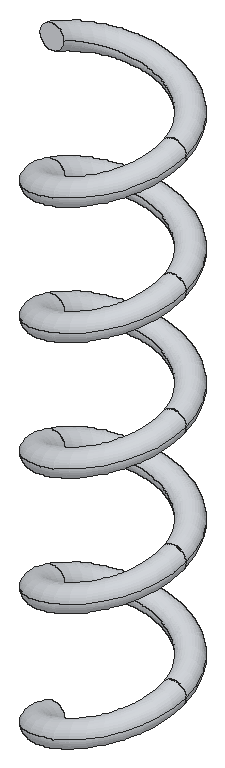
Revit family "Parametric Spring Shape Family", category Generic Models, Revit 2022
Family settings
  Can host rebar = No
  Round Connector Dimension = Use Diameter
  Part Type = Normal
  Work Plane-Based = No
  Always vertical = Yes
  Cut with Voids When Loaded = No
  Maintain Annotation Orientation = No
  Shared = No
  Room Calculation Point = No
Parameters
  R2 [instance] = 100 mm
  R1 [instance] = 500 mm
  No. [instance] = rounddown(Height / H2)  # 5
  Height [instance] = 5000 mm
  H2 [instance] = H1 * 2  # 1000 mm
  H1 [instance] = 500 mm
  Default Elevation = 0 mm
Reference planes
  plane 1 "Center (Front/Back)": y = 0
  plane 2: z = 0
  plane 3 "Center (Left/Right)": x = 0
  plane 4: z = 1000
  plane 5: z = 5000
Dimensions and locks
  "Height": plane 5 to level
  "H2": plane 4 to level
  equal spacing: group 1, group 2, group 3, group 4, group 5  (x3)
  aligned and locked: level to plane 2
  aligned and locked: plane 3 "Center (Left/Right)" to nested 1
  aligned and locked: plane 1 "Center (Front/Back)" to nested 1
  aligned and locked: plane 3 "Center (Left/Right)" to nested 2
  aligned and locked: plane 1 "Center (Front/Back)" to nested 2
  aligned and locked: nested 1 to level
  aligned and locked: plane 4 to nested 2
Nested families
  nested 1: "Family3" at (0, 0, 0), R <- "R1", R2 <- "R2", H1 <- "H1", type "Family3"
    with R2 100 mm, R 500 mm, H1 500 mm
  nested 2: "Family3" at (0, 0, 1000), R <- "R1", R2 <- "R2", H1 <- "H1", type "Family3"
    with R2 100 mm, R 500 mm, H1 500 mm
  nested 3: "Family3" at (0, 0, 2000), R <- "R1", R2 <- "R2", H1 <- "H1", type "Family3"
    with R2 100 mm, R 500 mm, H1 500 mm
  nested 4: "Family3" at (0, 0, 3000), R <- "R1", R2 <- "R2", H1 <- "H1", type "Family3"
    with R2 100 mm, R 500 mm, H1 500 mm
  nested 5: "Family3" at (0, 0, 4000), R <- "R1", R2 <- "R2", H1 <- "H1", type "Family3"
    with R2 100 mm, R 500 mm, H1 500 mm
Definition of nested family "Family3"
  Parameters (values of type "Family3")
    R2 [instance] = 100 mm
    R [instance] = 500 mm
    H1 [instance] = 200 mm
    Default Elevation = 0 mm
  Reference planes
    plane 1 "Center (Front/Back)": y = 0
    plane 2: z = 0
    plane 3 "Center (Left/Right)": x = 0
    plane 4: x = -500
    plane 5: x = 500
    plane 6: z = 200
    plane 7: z = 400
  Forms (mm)
    SweptBlend 1, solid
      path in 3D
        loop
          arc (-500, 0, 0) -> (0, -500, 0) -> (500, 0, 0) r 500
      profile origin (-500, 0, 0) x (1, 0, 0) y (0, 0, 1)
        loop
          circle (0, 0) r 100
      end profile origin (500, 0, 0) x (-1, 0, 0) y (0, 0, 1)
        loop
          circle (0, 200) r 100
    SweptBlend 2, solid
      path in 3D
        loop
          arc (-500, 0, 0) -> (0, 500, 0) -> (500, 0, 0) r 500
      profile origin (-500, 0, 0) x (-1, 0, 0) y (0, 0, 1)
        loop
          circle (0, 400) r 100
      end profile origin (500, 0, 0) x (1, 0, 0) y (0, 0, 1)
        loop
          circle (0, 200) r 100
  Lines and regions (mm)
    reference lines
      curve 1: arc (-500, 0, 0) -> (0, 500, 0) -> (500, 0, 0) r 500
      curve 2: arc (-500, 0, 0) -> (0, -500, 0) -> (500, 0, 0) r 500
    sketch lines
      curve 3: arc (-500, 0, 0) -> (0, -500, 0) -> (500, 0, 0) r 500
      curve 4: arc (-500, 0, 0) -> (0, 500, 0) -> (500, 0, 0) r 500
  Dimensions and locks
    equal spacing: plane 4, plane 3 "Center (Left/Right)", plane 5
    "R": plane 4 to plane 3 "Center (Left/Right)"
    "H1": plane 7 to plane 6
    "H1": plane 6 to level
    "R2": radius of SweptBlend 1 sketch curve  (x2)
    "R2": radius of SweptBlend 2 sketch curve  (x2)
    aligned and locked: level to plane 2
    aligned and locked: plane 1 "Center (Front/Back)" to curve 1
    aligned and locked: plane 5 to curve 1
    aligned and locked: plane 3 "Center (Left/Right)" to curve 1
    aligned and locked: plane 1 "Center (Front/Back)" to curve 2
    aligned and locked: plane 4 to SweptBlend 1 sketch curve
    aligned and locked: level to SweptBlend 1 sketch curve
    aligned and locked: plane 5 to SweptBlend 1 sketch curve
    aligned and locked: plane 6 to SweptBlend 1 sketch curve
    aligned and locked: plane 7 to SweptBlend 2 sketch curve
    aligned and locked: plane 4 to SweptBlend 2 sketch curve
    aligned and locked: plane 5 to SweptBlend 2 sketch curve
    aligned and locked: plane 6 to SweptBlend 2 sketch curve
